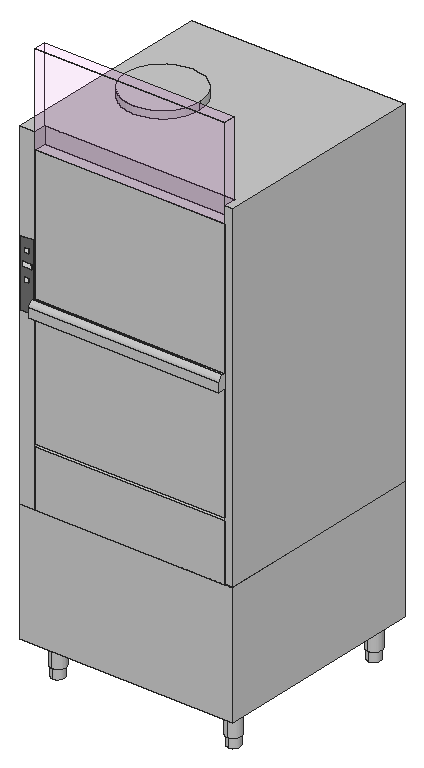
Revit family "Gi605H", category Equipement spécialisé, Revit 2022
Family settings
  Cote de connecteur circulaire = Utiliser le diamètre
  Type d'élément = Normal
  Numéro OmniClass = 23.40.40.14
  Titre OmniClass = Food Service Equipment
  Basée sur le plan de construction = Non
  Toujours verticalement = Oui
  Couper avec des vides une fois chargée = Non
  Conserver l'orientation des annotations = Non
  Partagée = Non
  Repère de localisation dans la pièce = Non
Parameters (values of type "6G3256_AA")
  URL catalogo = "https://www.comenda.fr/pdf/docs/Gi/GAMME_GI_2023.pdf"
  URL = "www.comenda.fr"
  Tensione = 400 V
  Temperatura raccomandata per acqua calda = 50 °C
  Show Logo [instance] = yes
  Show Clearance [instance] = yes
  Protezione contro le sovracorrenti = 16 A
  Elévation par défaut = 0 mm
  Profondità = 900 mm
  Pressione minima acqua calda = 200000.0 Pa
  Potenza elettrica = 9000 W
  Pessione minima acqua fredda = 200000.0 Pa
  Peso netto = 200.00 kg
  Numero dei poli = 3
  Modèle = "Gi 605H R CRC"
  Fabricant = "COMENDA"
  Lunghezza = 860 mm
  Frequenza = 50 Hz
  Fase = 3
  Diametro raccordo acqua calda = 3/4"
  Diametro dello scarico diretto di acqua = 1 3/8"
  Description = "THREE-PHASE FRONT LOADING POTWASHER WITH RCD"
  Corrente di funzionamento normale = 13.7 A
  Assembly Code = ""
  Altezza dello scarico diretto acqua da pavimento finito = 145 mm
  Altezza da terra raccordo acqua calda = 175 mm
  Altezza allacciamento elettrico da pavimento finito = 135 mm
  Altezza = 2295 mm
Types (2, lengths in mm): name | Profondità | Modèle | Altezza
  6G3256_AA | 900 | "Gi 605H R CRC" | 2295
  6G3151_AA | 870 | "Gi 605 R CRC" | 2145
Reference planes
  plane 1 "Back": y = 0
  plane 2: z = 0
  plane 3 "Left": x = -30
  plane 4 "Right": x = 830
  plane 5 "Front": y = -900
  plane 6 "Top": z = 2295
Forms (mm)
  Revolve 1, solid
    sketch origin (60, 0, 0) x (0, 1, 0) y (0, 0, 1)
      loop
        line (-50, 135) -> (-80, 135) -> (-80, 0) -> (-55, 0) -> (-55, 40) -> (-50, 40) -> (-50, 135)
      axis (-80, 0) -> (-80, 135)
    angle from 0 to 360
  Revolve 2, solid
    sketch origin (60, -710, 0) x (0, 1, 0) y (0, 0, 1)
      loop
        line (-50, 135) -> (-80, 135) -> (-80, 0) -> (-55, 0) -> (-55, 40) -> (-50, 40) -> (-50, 135)
      axis (-80, 0) -> (-80, 135)
    angle from 0 to 360
  Revolve 3, solid
    sketch origin (770, 0, 0) x (0, 1, 0) y (0, 0, 1)
      loop
        line (-50, 135) -> (-80, 135) -> (-80, 0) -> (-55, 0) -> (-55, 40) -> (-50, 40) -> (-50, 135)
      axis (-80, 0) -> (-80, 135)
    angle from 0 to 360
  Revolve 4, solid
    sketch origin (770, -710, 0) x (0, 1, 0) y (0, 0, 1)
      loop
        line (-50, 135) -> (-80, 135) -> (-80, 0) -> (-55, 0) -> (-55, 40) -> (-50, 40) -> (-50, 135)
      axis (-80, 0) -> (-80, 135)
    angle from 0 to 360
  Extrusion 5, solid
    sketch origin (0, 0, 725.5) x (1, 0, 0) y (0, 1, 0)
      loop
        line (-30, 0) -> (-30, -870) -> (30, -870) -> (30, -820) -> (800, -820) -> (800, -870) -> (830, -870) -> (830, 0) -> (-30, 0)
    from -99.4 to 1269.5
  Extrusion 6, solid
    sketch origin (0, 0, 0) x (1, 0, 0) y (0, 1, 0)
      loop
        line (-30, 0) -> (-30, -870) -> (830, -870) -> (830, 0) -> (-30, 0)
    from 135 to 625
  Extrusion 7, solid
    sketch origin (30, 0, -174) x (0, 1, 0) y (0, 0, 1)
      loop
        line (-900, 1507.5) -> (-870, 1507.5) -> (-870, 1562.5) -> (-880, 1562.5)
        arc (-880, 1562.5) -> (-894.142, 1556.642) -> (-900, 1542.5) r 20
        line (-900, 1542.5) -> (-900, 1507.5)
    from 0 to 770
  Extrusion 8, solid
    sketch origin (0, 0, 625) x (1, 0, 0) y (0, 1, 0)
      loop
        line (30, -870) -> (798.5, -870) -> (798.5, -820) -> (30, -820) -> (30, -870)
    from 0 to 229
  Extrusion 9, solid
    sketch origin (0, 0, 714.969) x (1, 0, 0) y (0, 1, 0)
      loop
        line (30, -870) -> (798.5, -870) -> (798.5, -820) -> (30, -820) -> (30, -870)
    from 150 to 673.531
  Extrusion 10, solid
    sketch origin (-186.246, 1874.578, 2295) x (0, 1, 0) y (-1, 0, 0)
      loop
        line (-2744.578, -216.246) -> (-2744.578, -984.746) -> (-2694.578, -984.746) -> (-2694.578, -216.246) -> (-2744.578, -216.246)
    from -905.9 to -365.947
  Extrusion 11, solid, visible <- "Show Clearance", detail levels coarse
    sketch origin (30, 0, -119.416) x (0, 1, 0) y (0, 0, 1)
      loop
        line (-870, 984.386) -> (-870, 1504.386)
        arc (-870, 1504.386) -> (-1237.696, 1352.081) -> (-1390, 984.386) r 520
        line (-1390, 984.386) -> (-870, 984.386)
    from 0 to 768.5
  Extrusion 12, solid
    sketch origin (-775.007, -868.2, 645.031) x (1, 0, 0) y (0, 0, 1)
      loop
        line (800, 954.969) -> (750, 954.969) -> (750, 684.969) -> (800, 684.969) -> (800, 954.969)
    from 0 to 2
  Extrusion 13, solid
    sketch origin (-1776.5, -868.4, 885) x (1, 0, 0) y (0, 0, 1)
      loop
        line (1795, 624) -> (1758, 624) -> (1758, 606) -> (1795, 606) -> (1795, 624)
      loop
        line (1784.5, 569.5) -> (1768.5, 569.5) -> (1768.5, 553.5) -> (1784.5, 553.5) -> (1784.5, 569.5)
      loop
        line (1784.5, 676.5) -> (1768.5, 676.5) -> (1768.5, 660.5) -> (1784.5, 660.5) -> (1784.5, 676.5)
    from 0 to 2
  Extrusion 14, solid
    sketch origin (800, -870, 725.5) x (0, 1, 0) y (0, 0, -1)
      loop
        line (0, -1203.553) -> (0, -1569.953) -> (50, -1569.953) -> (50, -1203.553) -> (0, -1203.553)
    from 0 to 770
  Extrusion 15, void
    sketch origin (60, -790, 0) x (1, 0, 0) y (0, 1, 0)
      loop
        circle (-20, 130) r 9.55
    from 0 to 175
  Extrusion 16, void
    sketch origin (60, -790, 0) x (1, 0, 0) y (0, 1, 0)
      loop
        circle (539.96, 180) r 17.5
    from 0 to 145
  Extrusion 17, solid
    sketch origin (0, 0, 135) x (0, 1, 0) y (1, 0, 0)
      loop
        circle (-848, 745) r 4.875
    from 0 to 1
  Extrusion 18, solid
    sketch origin (30, 0, 1998.5) x (1, 0, 0) y (0, 1, 0)
      loop
        circle (170, -435) r 150
    from -3.5 to 25
Cuts and joins
  Extrusion 15, Extrusion 16 cuts Extrusion 5
  Extrusion 15, Extrusion 16 cuts Extrusion 6
  joined: Extrusion 5, Extrusion 6
Lines and regions (mm)
  symbolic lines, style "200-EquipBorder-2D"
    curve 1: line (-30, 0, 0) -> (830, 0, 0)
    curve 2: line (-30, -870, 0) -> (-30, 0, 0)
    curve 3: line (830, -870, 0) -> (-30, -870, 0)
    curve 4: line (830, 0, 0) -> (830, -870, 0)
    curve 5: line (30, -870, 0) -> (30, -900, 0)
    curve 6: line (30, -900, 0) -> (798.5, -900, 0)
    curve 7: line (798.5, -900, 0) -> (798.5, -870, 0)
    curve 10: line (800, -820, 0) -> (800, -870, 0)
  symbolic lines, style "200-EquipInternal-2D"
    curve 8: line (30, -870, 0) -> (30, -820, 0)
    curve 9: line (30, -820, 0) -> (800, -820, 0)
    curve 18: circle (200, -435, 0) r 150 normal (0, 0, 1)
  symbolic lines, style "QF_Door-Drawer Clearances", visible <- "Show Clearance"
    curve 11: line (30, -870, 0) -> (30, -1390, 0)
    curve 12: line (798.5, -1390, 0) -> (798.5, -870, 0)
    curve 13: line (30, -1390, 0) -> (798.5, -1390, 0)
  symbolic lines, style "200-InsPoint-3D"
    curve 14: circle (50, -597.936, 0) r 0.2 normal (0, 0, 1)
    curve 15: circle (830, 0, 0) r 0.2 normal (0, 0, 1)
    curve 16: circle (-30, -870, 0) r 0.2 normal (0, 0, 1)
    curve 17: circle (830, -870, 0) r 0.2 normal (0, 0, 1)
Dimensions and locks
  plane 3 "Left" to plane 4 "Right" = 860 mm
  plane 5 "Front" to plane 1 "Back" = 900 mm
  plane 6 "Top" to level = 2295 mm
  "Altezza": plane 6 "Top" to level
  cut or joined group of Extrusion 5, Extrusion 6, Extrusion 15, Extrusion 16 to Extrusion 10 = 65.947 mm
  locked: level to Extrusion 8 at 854
  locked: Extrusion 12 to level at 1330
  locked: cut or joined group of Extrusion 5, Extrusion 6, Extrusion 15, Extrusion 16 to Extrusion 14 at 65.947
  locked: Extrusion 9 to level at 864.969
  level to Extrusion 11 sketch curve to Extrusion 11 sketch curve = 864.969 mm locked, 520 mm
  cut or joined group of Extrusion 5, Extrusion 6, Extrusion 15, Extrusion 16 to Extrusion 10 = 605.9 mm
  locked: Extrusion 10 to Extrusion 7 at 55.6
  locked: cut or joined group of Extrusion 5, Extrusion 6, Extrusion 15, Extrusion 16 to level at 625
  locked: cut or joined group of Extrusion 5, Extrusion 6, Extrusion 15, Extrusion 16 to level at 135
  locked: plane 6 "Top" to cut or joined group of Extrusion 5, Extrusion 6, Extrusion 15, Extrusion 16 at 300
  Extrusion 13 sketch curve to Extrusion 13 sketch curve = 36.5 mm
  locked: Extrusion 13 to Extrusion 12 at 108.5
  locked: Extrusion 12 to Extrusion 13 at 38.5
  aligned and locked: level to plane 2
  aligned and locked: Extrusion 14 sketch curve to Extrusion 10  (x2)
  aligned and locked: cut or joined group of Extrusion 5, Extrusion 6, Extrusion 15, Extrusion 16 to Extrusion 14 sketch curve
  aligned and locked: Extrusion 7 to Extrusion 9
  aligned and locked: curve 5 to Extrusion 7
Automatic sketch dimensions
  Revolve 1 sketch curve to level = 0 mm
  plane 1 "Back" to Revolve 1 sketch curve = 80 mm
  Revolve 1 sketch curve to Revolve 1 sketch curve = 25 mm
  Revolve 1 sketch curve to Revolve 1 sketch curve = 5 mm
  level to Revolve 1 sketch curve = 40 mm
  Revolve 1 sketch curve to Revolve 1 sketch curve = 95 mm
  Revolve 1 sketch curve to Revolve 1 sketch curve = 0 mm
  Revolve 1 sketch curve to Revolve 1 sketch curve = 35 mm
  Revolve 1 sketch curve to Revolve 1 sketch curve = 15 mm
  Revolve 2 sketch curve to level = 0 mm
  plane 5 "Front" to Revolve 2 sketch curve = 110 mm
  Revolve 2 sketch curve to Revolve 2 sketch curve = 25 mm
  Revolve 2 sketch curve to Revolve 2 sketch curve = 5 mm
  level to Revolve 2 sketch curve = 40 mm
  Revolve 2 sketch curve to Revolve 2 sketch curve = 95 mm
  Revolve 2 sketch curve to Revolve 2 sketch curve = 0 mm
  Revolve 2 sketch curve to Revolve 2 sketch curve = 35 mm
  Revolve 2 sketch curve to Revolve 2 sketch curve = 15 mm
  Revolve 3 sketch curve to level = 0 mm
  plane 1 "Back" to Revolve 3 sketch curve = 80 mm
  Revolve 3 sketch curve to Revolve 3 sketch curve = 25 mm
  Revolve 3 sketch curve to Revolve 3 sketch curve = 5 mm
  level to Revolve 3 sketch curve = 40 mm
  Revolve 3 sketch curve to Revolve 3 sketch curve = 95 mm
  Revolve 3 sketch curve to Revolve 3 sketch curve = 0 mm
  Revolve 3 sketch curve to Revolve 3 sketch curve = 35 mm
  Revolve 3 sketch curve to Revolve 3 sketch curve = 15 mm
  Revolve 4 sketch curve to level = 0 mm
  plane 5 "Front" to Revolve 4 sketch curve = 110 mm
  Revolve 4 sketch curve to Revolve 4 sketch curve = 25 mm
  Revolve 4 sketch curve to Revolve 4 sketch curve = 5 mm
  level to Revolve 4 sketch curve = 40 mm
  Revolve 4 sketch curve to Revolve 4 sketch curve = 95 mm
  Revolve 4 sketch curve to Revolve 4 sketch curve = 0 mm
  Revolve 4 sketch curve to Revolve 4 sketch curve = 35 mm
  Revolve 4 sketch curve to Revolve 4 sketch curve = 15 mm
  plane 1 "Back" to Extrusion 5 sketch curve = 0 mm
  Extrusion 5 sketch curve to plane 3 "Left" = 0 mm
  Extrusion 5 sketch curve to plane 4 "Right" = 0 mm
  plane 3 "Left" to Extrusion 5 sketch curve = 60 mm
  Extrusion 5 sketch curve to Extrusion 5 sketch curve = 30 mm
  plane 5 "Front" to Extrusion 5 sketch curve = 80 mm
  plane 5 "Front" to Extrusion 5 sketch curve = 30 mm  (x2)
  Extrusion 6 sketch curve to plane 3 "Left" = 0 mm
  Extrusion 6 sketch curve to plane 4 "Right" = 0 mm
  plane 1 "Back" to Extrusion 6 sketch curve = 0 mm
  plane 5 "Front" to Extrusion 6 sketch curve = 30 mm
  Extrusion 7 sketch curve to plane 5 "Front" = 0 mm
  Extrusion 7 sketch curve to Extrusion 7 sketch curve = 20 mm
  Extrusion 7 sketch curve to Extrusion 7 sketch curve = 30 mm
  Extrusion 7 sketch curve to plane 6 "Top" = 961.5 mm
  Extrusion 7 sketch curve to Extrusion 7 sketch curve = 35 mm
  plane 3 "Left" to Extrusion 8 sketch curve = 60 mm
  plane 4 "Right" to Extrusion 8 sketch curve = 31.5 mm
  plane 5 "Front" to Extrusion 8 sketch curve = 30 mm
  Extrusion 8 sketch curve to Extrusion 8 sketch curve = 50 mm
  plane 3 "Left" to Extrusion 9 sketch curve = 60 mm
  plane 4 "Right" to Extrusion 9 sketch curve = 31.5 mm
  plane 5 "Front" to Extrusion 9 sketch curve = 30 mm
  Extrusion 9 sketch curve to Extrusion 9 sketch curve = 50 mm
  plane 5 "Front" to Extrusion 10 sketch curve = 30 mm
  Extrusion 10 sketch curve to Extrusion 10 sketch curve = 50 mm
  plane 4 "Right" to Extrusion 10 sketch curve = 31.5 mm
  plane 3 "Left" to Extrusion 10 sketch curve = 60 mm
  Extrusion 11 sketch curve to plane 5 "Front" = 490 mm
  plane 3 "Left" to Extrusion 12 sketch curve = 4.993 mm
  Extrusion 12 sketch curve to Extrusion 12 sketch curve = 50 mm
  Extrusion 12 sketch curve to plane 6 "Top" = 965 mm
  Extrusion 12 sketch curve to Extrusion 12 sketch curve = 270 mm
  plane 3 "Left" to Extrusion 13 sketch curve = 11.5 mm
  plane 3 "Left" to Extrusion 13 sketch curve = 22 mm  (x2)
  Extrusion 13 sketch curve to Extrusion 13 sketch curve = 16 mm  (x4)
  Extrusion 13 sketch curve to Extrusion 13 sketch curve = 37 mm
  Extrusion 13 sketch curve to plane 6 "Top" = 856.5 mm
  Extrusion 13 sketch curve to Extrusion 13 sketch curve = 18 mm
  Revolve 2 to Extrusion 15 sketch curve = 20 mm
  Extrusion 16 sketch curve to Revolve 2 = 539.96 mm
  Extrusion 6 to Extrusion 17 sketch curve = 22 mm
  Extrusion 6 to Extrusion 17 sketch curve = 85 mm
  Extrusion 14 sketch curve to Extrusion 5 = 300.453 mm
  Extrusion 13 sketch curve to Extrusion 13 sketch curve = 36.5 mm
  curve 16 to plane 3 "Left" = 0 mm
  curve 2 to plane 3 "Left" = 0 mm
  plane 1 "Back" to curve 14 = 597.936 mm
  plane 3 "Left" to curve 14 = 80 mm
  curve 7 to plane 5 "Front" = 0 mm
  plane 1 "Back" to curve 4 = 0 mm
  curve 4 to plane 4 "Right" = 0 mm
  plane 1 "Back" to curve 15 = 0 mm
  curve 15 to plane 4 "Right" = 0 mm
  curve 17 to plane 4 "Right" = 0 mm
  plane 3 "Left" to curve 13 = 60 mm
  curve 9 to curve 5 = 0 mm
  plane 4 "Right" to curve 13 = 31.5 mm
  curve 7 to curve 12 = 0 mm
  plane 4 "Right" to curve 10 = 30 mm
  curve 12 to plane 5 "Front" = 490 mm
  plane 5 "Front" to curve 4 = 30 mm
  curve 16 to curve 2 = 0 mm
  curve 17 to curve 3 = 0 mm
  curve 10 to curve 9 = 50 mm
  plane 3 "Left" to curve 18 = 230 mm
  plane 1 "Back" to curve 18 = 435 mm
  plane 3 "Left" to Extrusion 18 sketch curve = 230 mm
  plane 1 "Back" to Extrusion 18 sketch curve = 435 mm
  radius of Extrusion 15 sketch curve = 9.55 mm
  radius of Extrusion 16 sketch curve = 17.5 mm
  radius of Extrusion 17 sketch curve = 4.875 mm
  radius of curve 14 = 0.2 mm
  radius of curve 15 = 0.2 mm
  radius of curve 16 = 0.2 mm
  radius of curve 17 = 0.2 mm
  radius of curve 18 = 150 mm
  radius of Extrusion 18 sketch curve = 150 mm
Connectors
  piping at (599.96, -610, 145), diameter 34.925, driven by "Diametro dello scarico diretto di acqua"
    settings: on cut or joined group of Extrusion 5, Extrusion 6, Extrusion 15, Extrusion 16, index 1, connector inside diameter 24", connector length 0 mm, flow factor 0, pipe flow 0.0 L/s, pressure drop 0.0 Pa, fitting loss kfactor 0, connector angle 0.00°, fixture units 0, engagement length 0 mm, angle of deflection 0.00°, flow configuration 0, flow direction 2, fitting loss method 0, system type 7, joint type 0, gender type 0, connector reference index -1, connector utility 0, adjustable connector no, is connector primary yes, connector description "QF_DRAIN_CONNECTION"
  piping at (40, -660, 175), diameter 19.05, driven by "Diametro raccordo acqua calda"
    settings: on cut or joined group of Extrusion 5, Extrusion 6, Extrusion 15, Extrusion 16, index 2, connector inside diameter 24", connector length 0 mm, flow factor 0, pipe flow 0.0 L/s, pressure drop 0.0 Pa, fitting loss kfactor 0, connector angle 0.00°, fixture units 0, engagement length 0 mm, angle of deflection 0.00°, flow configuration 0, flow direction 1, fitting loss method 0, system type 7, joint type 0, gender type 0, connector reference index -1, connector utility 0, adjustable connector no, is connector primary no, connector description "WATER_CONNECTION"
  electrical at (745, -848, 135), driven by "Numero dei poli", driven by "Tensione", driven by "Potenza elettrica"
    settings: on Extrusion 17, index 3, voltage 400 V, apparent load 9000 VA, apparent load phase1 0 VA, apparent load phase2 0 VA, apparent load phase3 0 VA, power factor 1, load classification "Altro", number of poles 3, system type 30, power factor state 1, is connector primary yes, connector utility no, sub classification motor no, connector description "QF_ELECTRICAL_CONNECTION"
  hvac at (200, -435, 2023.5)
    settings: on Extrusion 18, index 5, duct flow 0.0 L/s, flow factor 0, pres drop 0.0 Pa, loss coef 0, conn angle 0.00°, conn width 304.8 mm, conn height 304.8 mm, conn diameter 300 mm, duct sys type 3, conn prof type 0, flow config 0, flow direction 2, loss method 0, conn ref index -1, conn util no, is conn primary yes, conn desc ""
